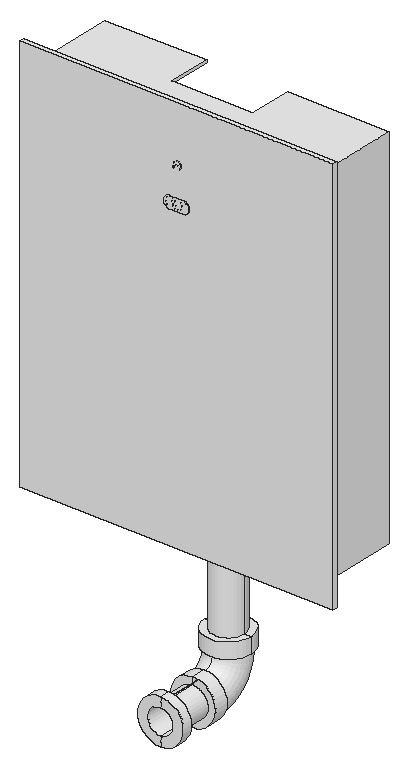
Revit family
Parameters (values of type "Royal Optima 152-1.28 WB ES-S")
  Waste Connection = no
  WFU = 10
  Vent Connection = no
  URL = "www.sloanvalve.com"
  Revised Date = "07/01/2015"  # constant formula
  Product Page URL = "http://www.sloanvalve.com/Our_Products/Optima_Flushometers.aspx"
  Product Documentation Link = "http://www.sloanvalve.com/Specifications/Royal_Optima_152_WB_ES-S_HET.pdf"
  Model = "Royal Optima 152-1.28 WB ES-S"
  Material = "Stainless Steel-Sloan-Satin"
  Manufacturer = "Sloan Valve Company"
  HWFU = 0
  HW Connection = no
  Description = "Concealed, Sensor Activated Royal ® Model Water Closet Flushometer, enclosed behind a 13” x 17” Wall Box with Stainless Steel Access Panel, for wall hung back spud bowls."
  Default Elevation = 0"
  Cost = 0
  Cold Water Connection Radius = 1/2"
  CWFU = 10
  CW Connection = yes
  Assembly Code = "D2020300"
  ADA Compliant = yes
Reference planes (in)
  plane 1 "Center (Front/Back)": y = 0.625
  plane 2: z = 0
  plane 3 "Center (Left/Right)": x = 0
  plane 4: x = 4.75
  plane 5: y = 4.66667
  plane 6: z = 14.62616
  plane 7: z = 21.04193
  plane 8: x = -7.25
  plane 9: x = 7.25
Forms (in)
  Sweep 1, solid, material "Stainless Steel-Sloan-Satin"
    path origin (0, -2.68161, -14.9845) x (0, 1, 0) y (0, 0, 1)
      loop
        arc (1.90302, 14.97343) -> (3.00751, 15.49635) -> (3.30109, 16.6826) r 1.42544
    profile origin (0, 0.3259, 0.51185) x (0, -0.774032, 0.633146) y (1, 0, 0)
      loop
        circle (0, 0) r 0.9375
  Extrusion 2, solid, material "Stainless Steel-Sloan-Satin"
    sketch origin (0, -2.16598, -14.9845) x (1, 0, 0) y (0, 0, 1)
      loop
        line (-1.92322, 30.05657) -> (-3.22239, 30.05657)
        arc (-3.22239, 30.05657) -> (-3.37056, 29.9952) -> (-3.43193, 29.84703) r 0.20954
        line (-3.43193, 29.84703) -> (-3.43193, 29.03741)
        arc (-3.43193, 29.03741) -> (-3.37163, 28.79038) -> (-3.25453, 28.56465) r 1.06598
        arc (-3.25453, 28.56465) -> (-3.20875, 28.45509) -> (-3.18399, 28.33895) r 0.64018
        line (-3.18399, 28.33895) -> (-3.18399, 27.40072)
        arc (-3.18399, 27.40072) -> (-3.14338, 27.30268) -> (-3.04533, 27.26207) r 0.13865
        line (-3.04533, 27.26207) -> (-2.16659, 27.26207) -> (-2.16659, 27.29842) -> (-2.04612, 27.29842) -> (-2.04612, 27.25931)
        arc (-2.04612, 27.25931) -> (-1.97199, 27.30808) -> (-1.92322, 27.38221) r 0.21951
        line (-1.92322, 27.38221) -> (-1.92322, 30.05657)
    from -3.71221 to -1.86975
  Revolve 3, solid, material "Stainless Steel-Sloan-Satin"
    sketch origin (0, -3.91667, 0) x (0, 1, 0) y (0, 0, 1)
      loop
        line (3.14808, 0.58661) -> (3.14808, 1.04551) -> (2.49208, 1.04551) -> (2.49208, 0.69315) -> (1.08254, 0.69315) -> (1.08254, 1.04573) -> (0.625, 1.04573) -> (0.625, 0.58661) -> (3.14808, 0.58661)
      axis (0.625, 0) -> (3.14808, 0)
    angle from 0 to 360
  Revolve 4, solid, material "Stainless Steel-Sloan-Satin"
    sketch origin (0, 0.625, 0) x (1, 0, 0) y (0, 0, 1)
      loop
        line (1.06784, 2.18563) -> (0.74383, 2.18563) -> (0.74383, 11.03158) -> (1.05861, 11.03158) -> (1.05861, 11.93429) -> (0.94684, 12.04606) -> (0.94684, 12.10537)
        arc (0.94684, 12.10537) -> (0.89121, 12.15351) -> (0.87135, 12.22434) r 0.12777
        line (0.87135, 12.22434) -> (0.91823, 12.22434) -> (0.91823, 13.60198)
        arc (0.91823, 13.60198) -> (1.0023, 13.7587) -> (1.16769, 13.82406) r 0.25859
        arc (1.16769, 13.82406) -> (1.23406, 13.91152) -> (1.19894, 14.01555) r 0.11722
        arc (1.19894, 14.01555) -> (1.28072, 14.16875) -> (1.32252, 14.33732) r 0.7043
        line (1.32252, 14.33732) -> (1.32252, 15.03273)
        arc (1.32252, 15.03273) -> (1.45622, 15.35551) -> (1.77901, 15.48921) r 0.45648
        line (1.77901, 15.48921) -> (1.81835, 15.48921)
        arc (1.81835, 15.48921) -> (1.87055, 15.51083) -> (1.89217, 15.56303) r 0.07382
        line (1.89217, 15.56303) -> (1.89217, 15.76106)
        arc (1.89217, 15.76106) -> (1.85973, 16.09799) -> (1.76359, 16.42254) r 1.7658
        arc (1.76359, 16.42254) -> (1.66259, 16.55141) -> (1.50847, 16.6067) r 0.29544
        line (1.50847, 16.6067) -> (0.98921, 16.64577) -> (0.98921, 16.89854) -> (0, 16.89854) -> (0, 1.47275) -> (1.06784, 1.47275) -> (1.06784, 2.18563)
      axis (0, 16.89854) -> (0, 1.47275)
    angle from 0 to 360
  Revolve 5, solid, material "Stainless Steel-Sloan-Satin"
    sketch origin (0, 0.625, 0) x (1, 0, 0) y (0, 0, 1)
      loop
        line (3.24464, 15.40741) -> (3.24464, 15.53168) -> (2.6464, 15.53168) -> (2.6464, 15.28168) -> (2.0564, 15.28168) -> (2.0564, 15.38987) -> (0.68984, 15.38987) -> (0.68984, 14.62616) -> (4.39319, 14.62616) -> (4.39319, 15.40741) -> (3.24464, 15.40741)
      axis (0.68984, 14.62616) -> (4.39319, 14.62616)
    angle from 0 to 360
  Revolve 6, solid, material "Stainless Steel-Sloan-Satin"
    sketch origin (-0.0564, 0.625, -0.04688) x (1, 0, 0) y (0, 0, 1)
      loop
        line (4.8064, 16.72416) -> (4.8064, 13.05936) -> (5.46265, 13.05936) -> (5.46265, 13.55134) -> (5.5368, 13.62549) -> (5.5368, 13.78952)
        arc (5.5368, 13.78952) -> (5.56198, 13.85031) -> (5.62276, 13.87549) r 0.08597
        line (5.62276, 13.87549) -> (5.72812, 13.87549)
        arc (5.72812, 13.87549) -> (5.87102, 14.68143) -> (5.72812, 15.48737) r 2.3441
        arc (5.72812, 15.48737) -> (5.66409, 15.54506) -> (5.63313, 15.62549) r 0.18506
        line (5.63313, 15.62549) -> (5.46265, 15.62549) -> (5.46265, 16.11349) -> (5.04072, 16.11349) -> (5.04072, 16.38416) -> (5.89047, 16.38416) -> (5.89047, 16.72416)
        arc (5.89047, 16.72416) -> (5.34843, 16.59063) -> (4.8064, 16.72416) r 1.16695
      axis (4.8064, 13.05936) -> (4.8064, 16.72416)
    angle from 0 to 360
  Revolve 7, solid, material "Stainless Steel-Sloan-Satin"
    sketch origin (0, 0.625, 0) x (1, 0, 0) y (0, 0, 1)
      loop
        line (-0.16899, 12.32458) -> (-0.16899, 13.1547) -> (-3.06041, 13.1547) -> (-3.06041, 12.37443) -> (-1.7046, 12.37443) -> (-1.7046, 12.22666) -> (-1.231, 12.22666) -> (-1.231, 12.37443) -> (-1.13647, 12.37443) -> (-1.08662, 12.32458) -> (-0.16899, 12.32458)
      axis (-3.06041, 13.1547) -> (-0.16899, 13.1547)
    angle from 0 to 360
  Revolve 8, solid, material "Stainless Steel-Sloan-Satin"
    sketch origin (0, 0.625, 0) x (1, 0, 0) y (0, 0, 1)
      loop
        line (-3.14164, 13.31393) -> (-3.27483, 13.31393) -> (-3.27483, 13.10981) -> (-3.39164, 13.10981) -> (-3.39164, 12.88033) -> (-3.14164, 12.88033) -> (-3.14164, 13.31393)
      axis (-3.39164, 12.88033) -> (-3.14164, 12.88033)
    angle from 0 to 360
  Extrusion 9, solid, material "Stainless Steel-Sloan-Satin"
    sketch origin (-0.05489, -2.25, -14.66621) x (1, 0, 0) y (0, 0, 1)
      loop
        arc (2.06184, 38.00278) -> (1.95201, 38.26795) -> (1.68684, 38.37778) r 0.375
        line (1.68684, 38.37778) -> (-1.62316, 38.37778)
        arc (-1.62316, 38.37778) -> (-1.88832, 38.26795) -> (-1.99816, 38.00278) r 0.375
        line (-1.99816, 38.00278) -> (-1.99816, 34.69278)
        arc (-1.99816, 34.69278) -> (-1.88832, 34.42762) -> (-1.62316, 34.31778) r 0.375
        line (-1.62316, 34.31778) -> (1.68684, 34.31778)
        arc (1.68684, 34.31778) -> (1.95201, 34.42762) -> (2.06184, 34.69278) r 0.375
        line (2.06184, 34.69278) -> (2.06184, 38.00278)
    from -2.22293 to -0.59643
  Extrusion 10, solid, material "Stainless Steel-Sloan-Satin"
    sketch origin (-0.05489, -2.25, -14.66621) x (1, 0, 0) y (0, 0, 1)
      loop
        line (1.84104, 37.65284) -> (1.56433, 38.06929)
        arc (1.56433, 38.06929) -> (1.37329, 38.24251) -> (1.12286, 38.30403) r 0.52567
        line (1.12286, 38.30403) -> (0.01995, 38.30403) -> (-1.08295, 38.30403)
        arc (-1.08295, 38.30403) -> (-1.33339, 38.24251) -> (-1.52443, 38.06929) r 0.52567
        line (-1.52443, 38.06929) -> (-1.80114, 37.65284)
        arc (-1.80114, 37.65284) -> (-1.86754, 37.5155) -> (-1.89455, 37.36537) r 0.56192
        line (-1.89455, 37.36537) -> (-1.89455, 36.34778) -> (-1.89455, 35.33019)
        arc (-1.89455, 35.33019) -> (-1.86754, 35.18006) -> (-1.80114, 35.04272) r 0.56192
        line (-1.80114, 35.04272) -> (-1.52443, 34.62627)
        arc (-1.52443, 34.62627) -> (-1.33339, 34.45305) -> (-1.08295, 34.39153) r 0.52567
        line (-1.08295, 34.39153) -> (0.01995, 34.39153) -> (1.12286, 34.39153)
        arc (1.12286, 34.39153) -> (1.37329, 34.45305) -> (1.56433, 34.62627) r 0.52567
        line (1.56433, 34.62627) -> (1.84104, 35.04272)
        arc (1.84104, 35.04272) -> (1.90744, 35.18006) -> (1.93445, 35.33019) r 0.56192
        line (1.93445, 35.33019) -> (1.93445, 36.34778) -> (1.93445, 37.36537)
        arc (1.93445, 37.36537) -> (1.90744, 37.5155) -> (1.84104, 37.65284) r 0.56192
    from -0.59643 to -0.17656
  Extrusion 11, solid, material "Stainless Steel-Sloan-Satin"
    sketch origin (-0.05489, -2.25, -14.66621) x (1, 0, 0) y (0, 0, 1)
      loop
        line (2.30489, 38.60827) -> (-2.19511, 38.60827) -> (-2.19511, 34.11317) -> (2.30489, 34.11317) -> (2.30489, 38.60827)
    from -0.17656 to -0.07465
  Extrusion 12, solid, material "Stainless Steel-Sloan-Satin"
    sketch origin (-0.17764, 0.625, 0) x (1, 0, 0) y (0, 0, 1)
      loop
        line (-7.07236, 25.29193) -> (-7.07236, 6.79193) -> (7.42764, 6.79193) -> (7.42764, 25.29193) -> (-7.07236, 25.29193)
    from 2.80035 to 2.99235
  Extrusion 13, solid, material "Stainless Steel-Sloan-Satin"
    sketch origin (-0.17764, 0.625, 0) x (1, 0, 0) y (0, 0, 1)
      loop
        line (-6.38236, 24.60193) -> (-6.38236, 7.48193) -> (6.73764, 7.48193) -> (6.73764, 24.60193) -> (-6.38236, 24.60193)
      loop
        line (6.61764, 7.60193) -> (6.61764, 24.48193) -> (-6.26236, 24.48193) -> (-6.26236, 7.60193) -> (6.61764, 7.60193)
    from -1.07965 to 2.80035
  Extrusion 14, void
    sketch origin (-0.17764, 0, 0) x (1, 0, 0) y (0, 1, 0)
      loop
        line (-1.69736, 1.70465) -> (-1.69736, -0.29623) -> (2.05264, -0.29623) -> (2.05264, 1.70465) -> (-1.69736, 1.70465)
    from 7.48193 to 24.60193
  Extrusion 15, solid, material "Stainless Steel-Sloan-Satin"
    sketch origin (-0.1735, -2.17535, -14.50044) x (1, 0, 0) y (0, 0, 1)
      loop
        arc (-0.14183, 35.81999) -> (-0.42183, 35.53794) -> (-0.13774, 35.25999) r 0.28001
        line (-0.13774, 35.25999) -> (0.4806, 35.25999)
        arc (0.4806, 35.25999) -> (0.76063, 35.53594) -> (0.48883, 35.81999) r 0.28006
        line (0.48883, 35.81999) -> (-0.14183, 35.81999)
    from 0 to 0.192
  Extrusion 16, solid, material "Stainless Steel-Sloan-Satin"
    sketch origin (-0.17327, -2.17535, -14.66621) x (1, 0, 0) y (0, 0, 1)
      loop
        circle (0.17327, 37.35353) r 0.19877
    from 0 to 0.192
Cuts and joins
  joined: Sweep 1, Extrusion 2, Revolve 3, Revolve 4, Revolve 5, Revolve 6, Revolve 7, Revolve 8
  Extrusion 14 cuts Extrusion 13
Lines and regions (in)
  Masking region 1
    outline origin (0, 0, 0) x (1, 0, 0) y (0, 1, 0)
      loop
        line (-6.56, 1.70465) -> (-6.56, -2.17535) -> (-7.25, -2.17535) -> (-7.25, -2.36735) -> (-0.69185, -2.36735) -> (-0.69185, -2.83414) -> (-1.04573, -2.83414) -> (-1.04573, -3.29167) -> (1.05648, -3.29167) -> (1.05648, -2.83414) -> (0.69315, -2.83414) -> (0.69315, -2.36735) -> (7.25, -2.36735) -> (7.25, -2.17535) -> (6.56, -2.17535) -> (6.56, 1.70465) -> (1.875, 1.70465) -> (1.875, 1.39817) -> (1.72918, 1.39817)
        arc (1.72918, 1.39817) -> (-0.00048, 2.51111) -> (-1.73014, 1.39817) r 1.90053
        line (-1.73014, 1.39817) -> (-1.875, 1.39817) -> (-1.875, 1.70465) -> (-6.56, 1.70465)
  Masking region 2
    outline origin (0, 0.625, 0) x (1, 0, 0) y (0, 0, 1)
      loop
        line (-7.25, 25.29193) -> (-7.25, 6.79193) -> (-0.75, 6.79193) -> (-0.75, 2.19702) -> (-1.04922, 2.19702) -> (-1.04922, 1.44702) -> (-0.92493, 1.44702) -> (-0.92493, 0.4879)
        arc (-0.92493, 0.4879) -> (0, -1.04573) -> (0.92493, 0.4879) r 1.04573
        line (0.92493, 0.4879) -> (0.92493, 1.44702) -> (1.04922, 1.44702) -> (1.04922, 2.19702) -> (0.75, 2.19702) -> (0.75, 6.79193) -> (7.25, 6.79193) -> (7.25, 25.29193) -> (-7.25, 25.29193)
  Masking region 3
    outline origin (0, 0, 0) x (0, 1, 0) y (0, 0, 1)
      loop
        line (1.70465, 24.60193) -> (-2.17535, 24.60193) -> (-2.17535, 25.29193) -> (-2.36735, 25.29193) -> (-2.36735, 6.79193) -> (-2.17535, 6.79193) -> (-2.17535, 7.48193) -> (-0.11602, 7.48193) -> (-0.11602, 2.18563) -> (-0.44284, 2.18563) -> (-0.44284, 1.47144) -> (-0.30468, 1.47144)
        arc (-0.30468, 1.47144) -> (-0.4143, 1.09483) -> (-0.76859, 0.9265) r 0.47881
        line (-0.76859, 0.9265) -> (-0.76859, 1.04551) -> (-1.42459, 1.04551) -> (-1.42459, 0.69315) -> (-2.83414, 0.69315) -> (-2.83414, 1.04573) -> (-3.29167, 1.04573) -> (-3.29167, -1.04573) -> (-2.83414, -1.04573) -> (-2.83414, -0.69315) -> (-1.42459, -0.69315) -> (-1.42459, -1.04551) -> (-0.76859, -1.04551) -> (-0.76859, -0.94856)
        arc (-0.76859, -0.94856) -> (0.91243, -0.22733) -> (1.58753, 1.47275) r 2.38393
        line (1.58753, 1.47275) -> (1.68693, 1.47275) -> (1.68693, 2.18563) -> (1.36883, 2.18563) -> (1.36883, 7.48193) -> (1.70465, 7.48193) -> (1.70465, 13.80402)
        arc (1.70465, 13.80402) -> (1.74813, 13.81642) -> (1.79269, 13.82406) r 0.41973
        arc (1.79269, 13.82406) -> (1.8602, 13.91103) -> (1.82287, 14.01459) r 0.11418
        arc (1.82287, 14.01459) -> (1.90678, 14.16762) -> (1.94752, 14.33732) r 0.65818
        line (1.94752, 14.33732) -> (1.94752, 15.04595)
        arc (1.94752, 15.04595) -> (2.07614, 15.35645) -> (2.38665, 15.48507) r 0.43912
        arc (2.38665, 15.48507) -> (2.4717, 15.49623) -> (2.51649, 15.56939) r 0.09953
        arc (2.51649, 15.56939) -> (2.50009, 16.03253) -> (2.3571, 16.47335) r 1.67062
        arc (2.3571, 16.47335) -> (2.26519, 16.57341) -> (2.13347, 16.6067) r 0.23746
        line (2.13347, 16.6067) -> (1.70465, 16.63669) -> (1.70465, 24.60193)
  symbolic lines, detail levels medium+fine
    curve 1: line (-1.875, 1.39817, 0) -> (-1.875, -0.29623, 0)
    curve 2: line (-1.875, -0.29623, 0) -> (1.875, -0.29623, 0)
    curve 3: line (1.875, -0.29623, 0) -> (1.875, 1.39817, 0)
    curve 4: arc (-1.73014, 1.39817, 0) -> (-1.8728, 0.54117, 0) -> (-1.64134, -0.29623, 0) r 2.01476
    curve 5: arc (1.72918, 1.39817, 0) -> (1.87267, 0.54112, 0) -> (1.64038, -0.29623, 0) r 2.00674
    curve 6: line (-0.69185, -2.36735, 0) -> (0.69315, -2.36735, 0)
    curve 9: line (-0.75, 0.625, 6.79193) -> (0.75, 0.625, 6.79193)
    curve 10: line (-0.75, 0.625, 2.19702) -> (0.75, 0.625, 2.19702)
    curve 11: arc (-0.92493, 0.625, 0.4879) -> (0, 0.625, 1.03785) -> (0.92493, 0.625, 0.4879) r 1.05277
    curve 14: line (0, 1.70465, 16.63669) -> (0, 1.70465, 13.80402)
    curve 15: line (0, 1.36883, 7.48193) -> (0, -0.11602, 7.48193)
    curve 17: line (0, 1.36883, 2.18563) -> (0, -0.11883, 2.18563)
    curve 18: line (0, 1.58753, 1.47275) -> (0, -0.30487, 1.47275)
    curve 19: line (0, -2.83414, -0.69315) -> (0, -2.83414, 0.69315)
    curve 20: line (0, -1.42459, -0.69315) -> (0, -1.42459, 0.69315)
    curve 21: line (0, -0.76859, -0.94856) -> (0, -0.76859, 0.9265)
    curve 25: circle (0, 0.625, 22.68732) r 0.19877 normal (0, -1, 0)
    curve 26: line (0.31533, 0.625, 21.31955) -> (-0.31533, 0.625, 21.31955)
    curve 27: line (-0.31124, 0.625, 20.75955) -> (0.3071, 0.625, 20.75955)
    curve 28: arc (-0.31533, 0.625, 21.31955) -> (-0.59534, 0.625, 21.03749) -> (-0.31124, 0.625, 20.75955) r 0.28001
    curve 29: arc (0.3071, 0.625, 20.75955) -> (0.58713, 0.625, 21.0355) -> (0.31533, 0.625, 21.31955) r 0.28006
  symbolic lines, detail levels fine
    curve 7: line (-0.69185, -2.83414, 0) -> (0.69315, -2.83414, 0)
    curve 8: circle (0, 0.625, 0) r 0.74383 normal (0, 0, 1)
    curve 12: line (-0.92493, 0.625, 1.44702) -> (0.92493, 0.625, 1.44702)
    curve 13: circle (0, 0.625, 0) r 0.58661 normal (0, -1, 0)
    curve 22: line (0, 2.38665, 15.48507) -> (0, 1.70465, 15.48507)
    curve 23: line (0, 1.82394, 14.01555) -> (0, 1.70465, 14.01555)
    curve 24: line (-6.38236, -2.17535, 0) -> (6.73764, -2.17535, 0)
  symbolic lines
    curve 16: line (0, -2.17535, 7.48193) -> (0, -2.17535, 24.60193)
Connectors (in)
  piping at (4.75, 0.625, 13.01249), driven by "Cold Water Connection Radius", driven by "CWFU"
    settings: on cut or joined group of Sweep 1, Extrusion 2, Revolve 3, Revolve 4, Revolve 5, Revolve 6, Revolve 7, Revolve 8, index 1
